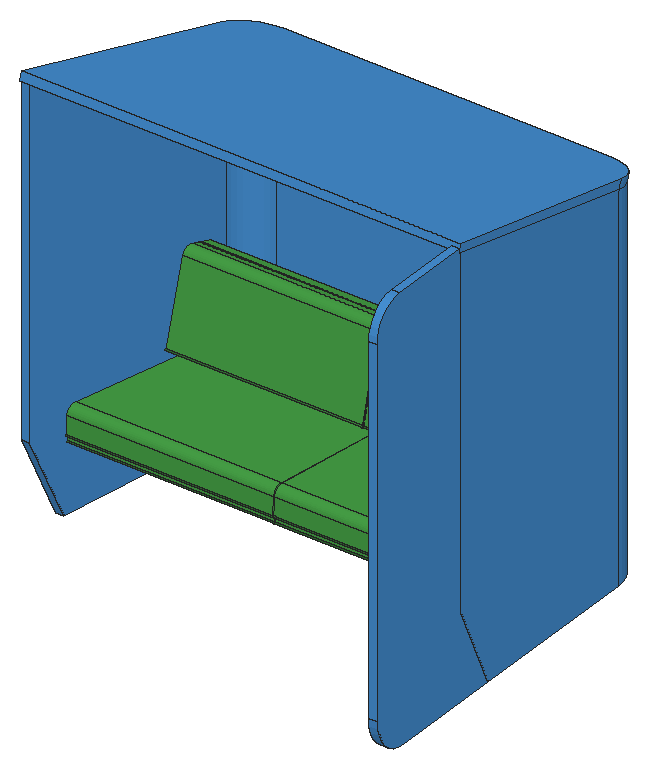
Revit family "Haworth_BuzziHub", category Furniture, Revit 2018
Family settings
  OmniClass Number = 23.40.70.14.64.21
  OmniClass Title = Systems Furniture
  Work Plane-Based = No
  Always vertical = Yes
  Cut with Voids When Loaded = No
  Shared = No
  Room Calculation Point = No
Parameters (values of type "HCBZ-HBB2-2")
  Without Side = not(With Side)  # no
  With Side = yes
  Warranty = "http://www.haworth.com/resources/product-info/warranties"
  URL - Product = "https://www.haworth.com/products/seating/acoustic-seating/buzzihub"
  URL = "http://www.haworth.com/our-brands/haworth-collection"
  Size = "Verify Final Dim. w/ Haworth"  # constant formula
  Single = no
  Side Control = and(Double, With Side)  # yes
  Seat Finish [instance] = Haworth _ Fabric _ Trevira CS+ _ Hazy Green BCP-9704
  Revision Number = "1"  # constant formula
  Model = "HCBZ-HBB"  # constant formula
  Manufacturer = "Haworth"  # constant formula
  Front Height = 63.78125"  # constant formula
  Double = not(Single)  # yes
  Description = "Haworth BuzziHub Double Booth w Side"
  Cushion Width = if(Single, 39", 36")  # 36"
  Cushion Offset = if(Single, 3.92969", 3.56641")  # 3.56641"
  Booth Width = if(Single, 46.85156", 79.12891")  # 79.12891"
  Booth Finish [instance] = Haworth _ Fabric _ Trevira CS+ _ Ocean BCP-6091
  Booth Depth = 46.05859"  # constant formula
  Author = "Haworth (Abd Rahman)"  # constant formula
  Assembly Code = "E2020200"
  Actual Width = if(Single, 46.85156", if(Side Control, 81.5", 79.12891"))  # 81.5"
  Actual Height = 74.01953"  # constant formula
  Actual Depth = if(With Side, 66.92969", 46.05859")  # 66.92969"
Types (3): name | Without Side | With Side | Single | Side Control | Double | Description | Cushion Width | Cushion Offset | Booth Width | Actual Width | Actual Depth
  HCBZ-HBB2 | yes | no | no | no | yes | "Haworth BuzziHub Double Booth" | 36" | 3.56641" | 79.12891" | 79.12891" | 46.05859"
  HCBZ-HBB1 | yes | no | yes | no | no | "Haworth BuzziHub Single Booth" | 39" | 3.92969" | 46.85156" | 46.85156" | 46.05859"
  HCBZ-HBB2-2 | no | yes | no | yes | yes | "Haworth BuzziHub Double Booth w Side" | 36" | 3.56641" | 79.12891" | 81.5" | 66.92969"
Reference planes (in)
  plane 1 "Center F/B": y = 1.75
  plane 2: z = 0
  plane 3 "Back": y = 24.7793
  plane 4 "Front": y = -21.2793
  plane 5 "Top": z = 74.01953
  plane 6 "Right": x = 62.02483
  plane 7 "Left": x = -17.10408
  plane 8: x = 22.46038
  plane 9 "Front Height": z = 63.78125
  plane 10 "Angle 3": through (480, -20.86505, 72.51953) normal (0, 0.2079, 0.9781)
  plane 11: x = 58.45842
  plane 12: x = -13.53767
  plane 13: x = 64.39592
  plane 14: y = -42.15039
Forms (in)
  Extrusion 1, solid, material "Haworth _ Fabric _ Trevira CS+ _ Ocean BCP-6091" <- "Booth Finish"
    sketch origin (-0.99952, 0, 0) x (1, 0, 0) y (0, 1, 0)
      loop
        arc (59.51385, 18.84581) -> (57.42993, 23.0716) -> (53.03859, 24.7793) r 6.5
        line (53.03859, 24.7793) -> (-6.1188, 24.7793)
        arc (-6.1188, 24.7793) -> (-10.51014, 23.0716) -> (-12.59407, 18.84581) r 6.5
        line (-12.59407, 18.84581) -> (-16.10456, -21.2793) -> (-14.62852, -21.2793) -> (-11.14557, 18.53102)
        arc (-11.14557, 18.53102) -> (-9.4624, 21.94416) -> (-5.91555, 23.32345) r 5.25
        line (-5.91555, 23.32345) -> (52.83533, 23.32345)
        arc (52.83533, 23.32345) -> (56.38218, 21.94416) -> (58.06536, 18.53102) r 5.25
        line (58.06536, 18.53102) -> (61.54831, -21.2793) -> (63.02435, -21.2793) -> (59.51385, 18.84581)
    from 0 to 74.01953
  Extrusion 2, void
    sketch origin (62.02483, 0, 0) x (0, 1, 0) y (0, 0, 1)
      loop
        line (-24, 20.25549) -> (-24, 0) -> (-14.33709, 0) -> (-24, 20.25549)
    from -87.53394 to 12
  Extrusion 3, void
    sketch origin (61.02531, 0, 0) x (0, 1, 0) y (0, 0, 1)
      loop
        line (24.7793, 62.82656) -> (24.7793, 80.01953) -> (-21.2793, 80.01953) -> (-21.2793, 72.61662) -> (24.7793, 62.82656)
    from -84.77923 to 12
  Extrusion 4, solid, material "Haworth _ Fabric _ Trevira CS+ _ Ocean BCP-6091" <- "Booth Finish"
    sketch origin (-0.49936, 13.84624, 65.14142) x (0, -0.978148, 0.207912) y (1, 0, 0)
      loop
        line (-5.23153, -13.0843) -> (36.14595, -16.62525) -> (36.14595, 62.54435) -> (-5.23153, 59.0034)
        arc (-5.23153, 59.0034) -> (-9.46544, 56.92295) -> (-11.17731, 52.52707) r 6.5
        line (-11.17731, 52.52707) -> (-11.17731, -6.60797)
        arc (-11.17731, -6.60797) -> (-9.46544, -11.00385) -> (-5.23153, -13.0843) r 6.5
    from 0 to 1.46731
Cuts and joins
  Extrusion 2, Extrusion 3 cuts Extrusion 1
Lines and regions (in)
  Masking region 1
    outline origin (0, 0, 0) x (1, 0, 0) y (0, 1, 0)
      loop
        spline (-7.13402, 24.7793) -> (-7.93657, 24.73065) -> (-8.72685, 24.58545) -> (-9.49274, 24.34591) -> (-10.22254, 24.01571) -> (-10.90508, 23.5999) -> (-11.5299, 23.10484) -> (-12.08746, 22.5381) -> (-12.56921, 21.90837) -> (-12.96778, 21.22527) -> (-13.27708, 20.49927) -> (-13.49237, 19.74146) -> (-13.61035, 18.96345)
        line (-13.61035, 18.96345) -> (-17.13113, -21.2793) -> (62.02483, -21.2793) -> (58.50405, 18.96345)
        spline (58.50405, 18.96345) -> (58.38606, 19.74146) -> (58.17077, 20.49927) -> (57.86147, 21.22527) -> (57.4629, 21.90837) -> (56.98115, 22.5381) -> (56.4236, 23.10484) -> (55.79877, 23.5999) -> (55.11624, 24.01571) -> (54.38644, 24.34591) -> (53.62054, 24.58545) -> (52.83027, 24.73065) -> (52.02772, 24.7793)
        line (52.02772, 24.7793) -> (-7.13402, 24.7793)
Dimensions and locks (in)
  "Booth Depth": plane 4 "Front" to plane 3 "Back"
  equal spacing: plane 4 "Front", plane 1 "Center F/B", plane 3 "Back"
  "Actual Height": plane 5 "Top" to level
  equal spacing: plane 7 "Left", plane 8, plane 6 "Right"
  "Front Height": plane 9 "Front Height" to plane 2
  "Cushion Offset": plane 7 "Left" to plane 12
  "Cushion Offset": plane 11 to plane 6 "Right"
  "Actual Width": plane 7 "Left" to plane 13
  "Booth Width": plane 7 "Left" to plane 6 "Right"
  "Actual Depth": plane 3 "Back" to plane 14
  plane 7 "Left" to Extrusion 1 sketch curve to Extrusion 1 sketch curve = 2.00714" locked, 1.47042" locked
  Extrusion 1 sketch curve to Extrusion 1 sketch curve to plane 6 "Right" = 1.47042" locked, 2.00714" locked
  Extrusion 1 sketch curve to Extrusion 1 sketch curve to plane 3 "Back" = 1.45584" locked, 0" locked
  aligned and locked: plane 5 "Top" to Extrusion 1
  aligned and locked: cut or joined group of Extrusion 1, Extrusion 2, Extrusion 3 to plane 6 "Right"
  aligned and locked: plane 7 "Left" to cut or joined group of Extrusion 1, Extrusion 2, Extrusion 3
  aligned and locked: plane 12 to nested 2
  aligned and locked: plane 11 to nested 1
  aligned and locked: plane 3 "Back" to Masking region 1 sketch curve
  aligned and locked: plane 4 "Front" to Masking region 1 sketch curve
  aligned and locked: cut or joined group of Extrusion 1, Extrusion 2, Extrusion 3 to plane 2
  aligned and locked: plane 4 "Front" to Extrusion 1 sketch curve  (x2)
  aligned and locked: plane 7 "Left" to Extrusion 1 sketch curve
  aligned and locked: plane 6 "Right" to Extrusion 1 sketch curve
  aligned and locked: plane 3 "Back" to Extrusion 1 sketch curve
  aligned and locked: plane 8 to nested 3
  aligned and locked: plane 2 to nested 1
  aligned and locked: nested 2 to plane 2
  aligned and locked: nested 1 to plane 1 "Center F/B"
  aligned and locked: plane 1 "Center F/B" to nested 2
  aligned and locked: nested 3 to plane 2
  aligned and locked: nested 3 to plane 4 "Front"
Automatic sketch dimensions
  Extrusion 2 sketch curve to level = 0"
  Extrusion 2 sketch curve to plane 4 "Front" = 6.9422"
  plane 4 "Front" to Extrusion 2 sketch curve = 2.7207"
  level to Extrusion 2 sketch curve = 20.25549"
  plane 5 "Top" to Extrusion 3 sketch curve = 6"
  Extrusion 3 sketch curve to plane 5 "Top" = 1.40292"
  Extrusion 3 sketch curve to plane 4 "Front" = 0"
  Extrusion 3 sketch curve to plane 9 "Front Height" = 0.95469"
  Extrusion 3 sketch curve to plane 3 "Back" = 0"
  plane 6 "Right" to Extrusion 4 sketch curve = 0.02016"
  Extrusion 4 sketch curve to plane 7 "Left" = 9.99675"
  Extrusion 4 sketch curve to plane 6 "Right" = 3.52079"
  Extrusion 4 sketch curve to Extrusion 4 sketch curve = 5.94578"  (x2)
  Extrusion 4 sketch curve to plane 7 "Left" = 3.52042"
  Extrusion 4 sketch curve to Extrusion 4 sketch curve = 6.5"
  Extrusion 4 sketch curve to Extrusion 4 sketch curve = 41.37748"
  plane 7 "Left" to Extrusion 4 sketch curve = 0.02053"
  Extrusion 1 sketch curve to plane 7 "Left" = 3.51049"
  Extrusion 1 sketch curve to Extrusion 1 sketch curve = 5.02677"
  Extrusion 1 sketch curve to Extrusion 1 sketch curve = 0.20325"  (x2)
  Extrusion 1 sketch curve to plane 6 "Right" = 4.95899"
  Extrusion 1 sketch curve to plane 3 "Back" = 6.70584"
  Extrusion 1 sketch curve to Extrusion 1 sketch curve = 0.31479"  (x2)
  plane 6 "Right" to Masking region 1 sketch curve = 0"
  plane 11 to Masking region 1 sketch curve = 0.04562"
  Masking region 1 sketch curve to plane 11 = 6.43071"
  plane 12 to Masking region 1 sketch curve = 6.40365"
  Masking region 1 sketch curve to plane 12 = 0.07268"
  plane 7 "Left" to Masking region 1 sketch curve = 0.02706"
  Masking region 1 sketch curve to plane 3 "Back" = 5.81585"  (x2)
  plane 11 to Masking region 1 sketch curve = 0.06929"
  Masking region 1 sketch curve to plane 3 "Back" = 6.35796"
Nested families (in)
  nested 1: "Haworth_BuzziHub_Cushion_PART" at (17.99805, -2.83966, 0), Upholstery Finish <- "Seat Finish", type "BuzziHub - PART"
    with Upholstery Finish Haworth _ Fabric _ Trevira CS+ _ Hazy Green BCP-9704
  nested 2: "Haworth_BuzziHub_Cushion_PART" at (26.92271, -2.83966, 0) x (-1, 0, 0) z (0, 0, 1), Upholstery Finish <- "Seat Finish", type "BuzziHub - PART"
    with Upholstery Finish Haworth _ Fabric _ Trevira CS+ _ Hazy Green BCP-9704
  nested 3: "Haworth_BuzziHub_Side_PART" at (0, 0.00001, 0), visible <- "With Side", Booth Finish <- "Booth Finish", type "HCBZ-HBB2"
    with Booth Finish Haworth _ Fabric _ Trevira CS+ _ Ocean BCP-6091
Definition of nested family "Haworth_BuzziHub_Cushion_PART"
  Parameters (values of type "BuzziHub - PART")
    Warranty = "http://www.haworth.com/resources/product-info/warranties"
    Upholstery Finish [instance] = none
    URL - Product = "https://www.haworth.com/products/seating/acoustic-seating/buzzihub"
    URL = "http://www.haworth.com/our-brands/haworth-collection"
    Size = "Verify Final Dim. w/ Haworth"  # constant formula
    Single = no
    Revision Number = "1"  # constant formula
    Model = "BuzziHub"
    Manufacturer = "Haworth"  # constant formula
    Double = yes
    Description = "Haworth BuzziHub - Cushion PART"
    Author = "Haworth (Abd Rahman)"  # constant formula
    Assembly Code = "E2020200"
    Actual Width = 36"
    Actual Height = 13.78125"  # constant formula
    Actual Depth = 5.67933"
  Reference planes (in)
    plane 1 "Center F/B": y = 1.75
    plane 2 "Bottom": z = 0
    plane 3 "Back": y = 4.58966
    plane 4 "Front": y = -1.08966
    plane 5 "Top Bottom": z = 11.48779
    plane 6 "Right": x = 40.46038
    plane 7 "Left": x = 4.46038
    plane 8: x = 22.46038
    plane 9 "Top": z = 33.5625
  Forms (in)
    Extrusion 1, solid, material <- "Upholstery Finish"
      sketch origin (40.46038, -0.125, 0) x (0, 1, 0) y (0, 0, 1)
        loop
          arc (16.24908, 32.7058) -> (16.20433, 32.99641) -> (15.9672, 33.17025) r 0.38417
          line (15.9672, 33.17025) -> (14.57605, 33.51058)
          arc (14.57605, 33.51058) -> (13.34174, 33.32052) -> (12.60334, 32.31335) r 1.63171
          line (12.60334, 32.31335) -> (9.25757, 18.63677)
          arc (9.25757, 18.63677) -> (9.30175, 18.34983) -> (9.53589, 18.17817) r 0.37933
          line (9.53589, 18.17817) -> (12.14443, 17.54003)
          arc (12.14443, 17.54003) -> (12.43435, 17.58467) -> (12.60779, 17.82124) r 0.38326
          line (12.60779, 17.82124) -> (16.24908, 32.7058)
      from 0 to -36
    Extrusion 2, solid, material <- "Upholstery Finish", visible <- "Double"
      sketch origin (40.46038, 0, 0) x (0, 1, 0) y (0, 0, 1)
        loop
          line (-11.04677, 16.00661) -> (-11.18795, 13.05526)
          arc (-11.18795, 13.05526) -> (-11.08316, 12.76937) -> (-10.80527, 12.64488) r 0.39175
          line (-10.80527, 12.64488) -> (-10.80527, 11.86616)
          arc (-10.80527, 11.86616) -> (-10.69445, 11.59862) -> (-10.4269, 11.48779) r 0.37837
          line (-10.4269, 11.48779) -> (12.93915, 11.48779) -> (13.122, 16.10605)
          arc (13.122, 16.10605) -> (13.01939, 16.3862) -> (12.74927, 16.51286) r 0.39175
          line (12.74927, 16.51286) -> (-9.32748, 17.56892)
          arc (-9.32748, 17.56892) -> (-10.51069, 17.14384) -> (-11.04677, 16.00661) r 1.64268
      from 1.89554 to -36
    Extrusion 3, solid, material <- "Upholstery Finish"
      sketch origin (40.46038, -0.125, 0) x (0, 1, 0) y (0, 0, 1)
        loop
          line (14.37431, 16.99376) -> (18.19796, 32.62377) -> (16.33724, 33.07896) -> (12.51359, 17.44896) -> (14.37431, 16.99376)
      from 0 to -36
    Extrusion 4, void
      sketch origin (0, 0, 0) x (1, 0, 0) y (0, 1, 0)
        loop
          line (42.16561, -11.65475) -> (43.97868, -11.65475) -> (43.97868, 13.34174) -> (39.97868, 13.34174) -> (42.16561, -11.65475)
      from 0 to 17.95054
    Extrusion 5, solid, material <- "Upholstery Finish", visible <- "Single"
      sketch origin (40.46038, 0, 0) x (0, 1, 0) y (0, 0, 1)
        loop
          line (-11.04677, 16.00661) -> (-11.18795, 13.05526)
          arc (-11.18795, 13.05526) -> (-11.08316, 12.76937) -> (-10.80527, 12.64488) r 0.39175
          line (-10.80527, 12.64488) -> (-10.80527, 11.86616)
          arc (-10.80527, 11.86616) -> (-10.69445, 11.59862) -> (-10.4269, 11.48779) r 0.37837
          line (-10.4269, 11.48779) -> (12.93915, 11.48779) -> (13.122, 16.10605)
          arc (13.122, 16.10605) -> (13.01939, 16.3862) -> (12.74927, 16.51286) r 0.39175
          line (12.74927, 16.51286) -> (-9.32748, 17.56892)
          arc (-9.32748, 17.56892) -> (-10.51069, 17.14384) -> (-11.04677, 16.00661) r 1.64268
      from 1.89554 to -42.10844
    Extrusion 6, void
      sketch origin (44.92075, 0, 0) x (-1, 0, 0) y (0, -1, 0)
        loop
          line (42.16561, 11.65475) -> (39.97868, -13.34174) -> (50.0392, -13.34174) -> (50.0392, 11.65475) -> (42.16561, 11.65475)
      from 0 to 17.95054
  Cuts and joins
    Extrusion 4 cuts Extrusion 2
    Extrusion 4, Extrusion 6 cuts Extrusion 5
  Lines and regions (in)
    Masking region 1
      outline origin (0, 0, 0) x (1, 0, 0) y (0, 1, 0)
        loop
          line (4.46038, 18.07296) -> (4.46038, 14.24931) -> (40.46038, 14.24931) -> (40.46038, 18.07296) -> (4.46038, 18.07296)
        loop
          line (40.0139, 12.93915) -> (4.90685, 12.93915) -> (2.82946, -10.80527) -> (42.09129, -10.80527) -> (40.0139, 12.93915)
  Dimensions and locks (in)
    "Actual Width": plane 7 "Left" to plane 6 "Right"
    "Actual Depth": plane 4 "Front" to plane 3 "Back"
    equal spacing: plane 4 "Front", plane 1 "Center F/B", plane 3 "Back"
    equal spacing: plane 7 "Left", plane 8, plane 6 "Right"
    aligned and locked: plane 7 "Left" to Extrusion 1
    aligned and locked: plane 6 "Right" to Extrusion 1
    aligned and locked: plane 7 "Left" to Extrusion 3
    aligned and locked: plane 6 "Right" to Extrusion 3
    aligned and locked: plane 7 "Left" to cut or joined group of Extrusion 2, Extrusion 4
  Automatic sketch dimensions
    plane 3 "Back" to Extrusion 1 sketch curve = 4.54291"
    Extrusion 1 sketch curve to Extrusion 1 sketch curve = 0.27832"
    Extrusion 1 sketch curve to Extrusion 1 sketch curve = 0.09014"  (x2)
    Extrusion 1 sketch curve to Extrusion 1 sketch curve = 2.60854"
    Extrusion 1 sketch curve to Extrusion 1 sketch curve = 0.09107"  (x2)
    Extrusion 1 sketch curve to plane 9 "Top" = 1.24915"
    plane 3 "Back" to Extrusion 1 sketch curve = 7.88868"
    Extrusion 1 sketch curve to Extrusion 1 sketch curve = 0.37228"
    Extrusion 1 sketch curve to Extrusion 1 sketch curve = 1.58497"
    Extrusion 1 sketch curve to plane 9 "Top" = 0.05192"
    Extrusion 1 sketch curve to Extrusion 1 sketch curve = 0.38774"
    Extrusion 1 sketch curve to Extrusion 1 sketch curve = 1.29986"
    Extrusion 1 sketch curve to plane 9 "Top" = 0.39225"
    Extrusion 1 sketch curve to Extrusion 1 sketch curve = 0.09129"
    Extrusion 1 sketch curve to plane 9 "Top" = 0.8567"
    Extrusion 1 sketch curve to Extrusion 1 sketch curve = 0.37317"
    plane 5 "Top Bottom" to Extrusion 1 sketch curve = 7.14898"
    Extrusion 1 sketch curve to Extrusion 1 sketch curve = 0.63432"
    Extrusion 2 sketch curve to plane 5 "Top Bottom" = 0"
    plane 5 "Top Bottom" to Extrusion 2 sketch curve = 1.56747"
    plane 4 "Front" to Extrusion 2 sketch curve = 10.09829"
    plane 5 "Top Bottom" to Extrusion 2 sketch curve = 4.51882"
    Extrusion 2 sketch curve to Extrusion 2 sketch curve = 0.14118"
    plane 5 "Top Bottom" to Extrusion 2 sketch curve = 0.37837"
    Extrusion 2 sketch curve to Extrusion 2 sketch curve = 0.38268"
    Extrusion 2 sketch curve to Extrusion 2 sketch curve = 0.00862"
    Extrusion 2 sketch curve to Extrusion 2 sketch curve = 1.6408"
    Extrusion 2 sketch curve to Extrusion 2 sketch curve = 0.07849"  (x2)
    plane 3 "Back" to Extrusion 2 sketch curve = 8.14089"
    plane 5 "Top Bottom" to Extrusion 2 sketch curve = 5.02507"
    Extrusion 2 sketch curve to Extrusion 2 sketch curve = 0.01872"
    Extrusion 2 sketch curve to Extrusion 2 sketch curve = 0.20859"
    plane 5 "Top Bottom" to Extrusion 2 sketch curve = 4.61826"
    Extrusion 2 sketch curve to Extrusion 2 sketch curve = 0.39145"
    Extrusion 2 sketch curve to Extrusion 2 sketch curve = 0.41037"
    plane 3 "Back" to Extrusion 3 sketch curve = 7.79893"
    Extrusion 3 sketch curve to Extrusion 3 sketch curve = 1.86071"  (x2)
    Extrusion 3 sketch curve to plane 9 "Top" = 0.48354"
    plane 3 "Back" to Extrusion 3 sketch curve = 11.62258"
    Extrusion 3 sketch curve to plane 9 "Top" = 0.93873"
    plane 5 "Top Bottom" to Extrusion 3 sketch curve = 5.96116"
    Extrusion 3 sketch curve to Extrusion 3 sketch curve = 0.4552"
    Extrusion 4 sketch curve to plane 6 "Right" = 0.4817"
    plane 6 "Right" to Extrusion 4 sketch curve = 1.70524"
    Extrusion 4 sketch curve to Extrusion 4 sketch curve = 1.81307"
    plane 4 "Front" to Extrusion 4 sketch curve = 10.56509"
    plane 3 "Back" to Extrusion 4 sketch curve = 8.75208"
    Extrusion 5 sketch curve to plane 5 "Top Bottom" = 0"
    plane 5 "Top Bottom" to Extrusion 5 sketch curve = 1.56747"
    plane 4 "Front" to Extrusion 5 sketch curve = 10.09829"
    plane 5 "Top Bottom" to Extrusion 5 sketch curve = 4.51882"
    Extrusion 5 sketch curve to Extrusion 5 sketch curve = 0.14118"
    plane 5 "Top Bottom" to Extrusion 5 sketch curve = 0.37837"
    Extrusion 5 sketch curve to Extrusion 5 sketch curve = 0.38268"
    Extrusion 5 sketch curve to Extrusion 5 sketch curve = 0.00862"
    Extrusion 5 sketch curve to Extrusion 5 sketch curve = 1.6408"
    Extrusion 5 sketch curve to Extrusion 5 sketch curve = 0.07849"  (x2)
    plane 3 "Back" to Extrusion 5 sketch curve = 8.14089"
    plane 5 "Top Bottom" to Extrusion 5 sketch curve = 5.02507"
    Extrusion 5 sketch curve to Extrusion 5 sketch curve = 0.01872"
    Extrusion 5 sketch curve to Extrusion 5 sketch curve = 0.20859"
    plane 5 "Top Bottom" to Extrusion 5 sketch curve = 4.61826"
    Extrusion 5 sketch curve to Extrusion 5 sketch curve = 0.39145"
    Extrusion 5 sketch curve to Extrusion 5 sketch curve = 0.41037"
    plane 7 "Left" to Extrusion 6 sketch curve = 0.4817"
    Extrusion 6 sketch curve to plane 7 "Left" = 1.70524"
    Extrusion 6 sketch curve to Extrusion 6 sketch curve = 7.87358"
    Extrusion 6 sketch curve to plane 4 "Front" = 10.56509"
    Extrusion 6 sketch curve to plane 3 "Back" = 8.75208"
    Masking region 1 sketch curve to plane 7 "Left" = 0"
    Masking region 1 sketch curve to plane 6 "Right" = 0"
    plane 3 "Back" to Masking region 1 sketch curve = 9.65964"
    Masking region 1 sketch curve to Masking region 1 sketch curve = 3.82365"
    plane 7 "Left" to Masking region 1 sketch curve = 1.63092"
    Masking region 1 sketch curve to plane 6 "Right" = 0.44647"
    plane 6 "Right" to Masking region 1 sketch curve = 1.63092"
    Masking region 1 sketch curve to plane 7 "Left" = 0.44647"
    plane 4 "Front" to Masking region 1 sketch curve = 9.71561"
    Masking region 1 sketch curve to Masking region 1 sketch curve = 1.31016"
Definition of nested family "Haworth_BuzziHub_Side_PART"
  Parameters (values of type "BuzziHub - Side - PART")
    Warranty = "http://www.haworth.com/resources/product-info/warranties"
    URL - Product = "https://www.haworth.com/products/seating/acoustic-seating/buzzihub"
    URL = "http://www.haworth.com/our-brands/haworth-collection"
    Size = "Verify Final Dim. w/ Haworth"  # constant formula
    Revision Number = "1"  # constant formula
    Model = "HCBZ-HBB"  # constant formula
    Manufacturer = "Haworth"  # constant formula
    Description = "Haworth BuzziHub - Side - PART"
    Booth Finish [instance] = none
    Author = "Haworth (Abd Rahman)"  # constant formula
    Assembly Code = "E2020200"
    Actual Height = 74.01953"  # constant formula
  Reference planes (in)
    plane 1 "Center F/B": y = 1.75
    plane 2: z = 0
    plane 3 "Top": z = 74.01953
    plane 4 "Right": x = 62.02483
    plane 5: x = 22.46038
    plane 6 "Front Height": z = 63.78125
    plane 7 "Angle 3": through (480, -20.86505, 72.51953) normal (0, 0.2079, 0.9781)
    plane 8: x = 58.45842
    plane 9: x = 62.02483
    plane 10: y = -42.15039
  Forms (in)
    Extrusion 1, solid, material <- "Booth Finish"
      sketch origin (59.76826, 5.36442, 0) x (0.08716, -0.996194, 0) y (0, 0, 1)
        loop
          line (47.81388, 6.75) -> (47.81388, 67.58835)
          arc (47.81388, 67.58835) -> (46.12975, 71.65422) -> (42.06388, 73.33835) r 5.75
          line (42.06388, 73.33835) -> (26.82495, 73.33835) -> (26.97142, 72.65718) -> (26.73901, 72.60721) -> (26.73901, 14.55233) -> (19.77028, 0) -> (41.06388, 0)
          arc (41.06388, 0) -> (45.83685, 1.97703) -> (47.81388, 6.75) r 6.75
      from 0.07439 to 1.54472
  Lines and regions (in)
    Masking region 1
      outline origin (0, 0, 0) x (1, 0, 0) y (0, 1, 0)
        loop
          line (62.0572, -21.65039) -> (60.58126, -21.65039) -> (62.38416, -42.25657) -> (63.84889, -42.12842) -> (62.0572, -21.65039)
  Dimensions and locks (in)
    "Actual Height": plane 3 "Top" to level
    plane 6 "Front Height" to plane 2 = 63.78125"
    plane 8 to plane 4 "Right" = 3.56641"
    locked: plane 3 "Top" to Extrusion 1 sketch curve at 0.68118
    aligned and locked: Extrusion 1 to plane 2
    aligned and locked: Extrusion 1 to Masking region 1  (x2)
    aligned and locked: Extrusion 1 sketch curve to plane 2
  Automatic sketch dimensions
    Extrusion 1 sketch curve to Extrusion 1 sketch curve = 6.96872"
    Extrusion 1 sketch curve to Extrusion 1 sketch curve = 0.08595"
    Extrusion 1 sketch curve to plane 3 "Top" = 1.36235"
    Extrusion 1 sketch curve to Extrusion 1 sketch curve = 0.23241"
    Extrusion 1 sketch curve to Extrusion 1 sketch curve = 14.32488"
    plane 6 "Front Height" to Extrusion 1 sketch curve = 3.8071"
    Extrusion 1 sketch curve to Extrusion 1 sketch curve = 15.09247"
    level to Extrusion 1 sketch curve = 14.55233"
    Masking region 1 sketch curve to plane 4 "Right" = 1.44357"
    plane 4 "Right" to Masking region 1 sketch curve = 0.03237"
    plane 10 to Masking region 1 sketch curve = 0.10618"
    plane 4 "Right" to Masking region 1 sketch curve = 0.35933"
    plane 1 "Center F/B" to Masking region 1 sketch curve = 43.87842"
